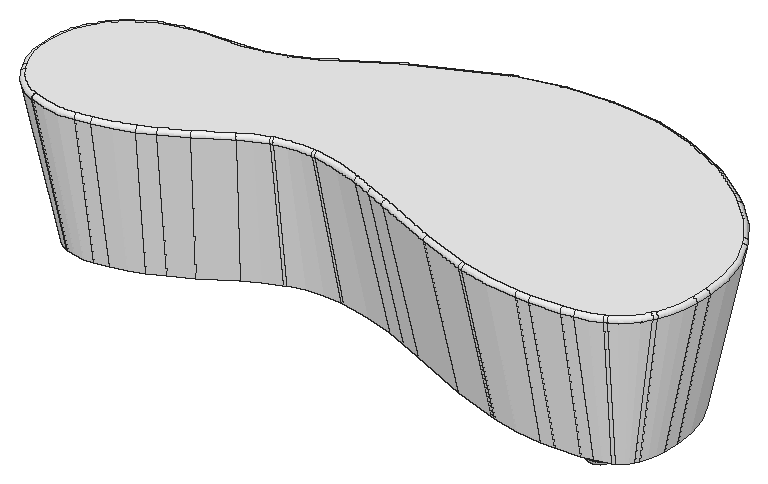
Revit family "HighTower_Plasma_Bench", category Furniture, Revit 2015
Parameters
  Width = 5' - 5"
  URL = "www.hightoweraccess.com"
  Upholstery [instance] = Furniture - HIGH TOWER - Plasma - Upholstery
  Product URL = "http://www.hightoweraccess.com/pricelist/new/pdf/plasma.pdf"
  Model = "GZ5000"
  Manufacturer = "HighTower"
  Height = 1' - 3 1/2"
  Description = "Plasma - Bench"
  Depth = 2' - 4 1/2"
  Foot [instance] = Furniture - HIGH TOWER - Plasma - Foot
  Assembly Description = "Furniture & Accessories"
  Assembly Code = "E2020200"
Reference planes (in)
  plane 1 "Center Front/Back": y = -0.7523997
  plane 2: z = 0
  plane 3 "Center Left/Right": x = 0
  plane 4 "L": x = -32.5
  plane 5 "R": x = 32.5
  plane 6 "tt": z = 15.5
  plane 7 "F": y = -15.0023997
  plane 8: y = 13.4976003
  plane 9: through (-6.2533827, 2.3323677, 23.3895262) normal (0.4297, -0.4297, 0.7941)
  plane 10: x = -25.2523956
  plane 11: y = -6.4367831
  plane 12: x = -1.9846802
  plane 13: y = 6.3978574
  plane 14: x = 1.2436981
  plane 15: y = -3.6021503
  plane 16: x = 18.9995728
  plane 17: y = 5.8860318
  plane 18: x = 25.2594452
  plane 19: y = -9.9013675
Forms (in)
  Sweep 1, solid, material "Furniture - HIGH TOWER - Plasma - Upholstery" <- "Upholstery"
    path origin (0, 0, 15.5) x (-1, 0, 0) y (0, -1, 0)
      loop
        arc (32.5, 6.9364336) -> (32.2385747, 8.8315882) -> (31.4738254, 10.5851881) r 7
        line (31.4738254, 10.5851881) -> (31.0484077, 11.2816919)
        arc (31.0484077, 11.2816919) -> (29.6637473, 12.8859469) -> (27.8366422, 13.9595418) r 6.5
        line (27.8366422, 13.9595418) -> (27.7509269, 13.9925415)
        arc (27.7509269, 13.9925415) -> (25.5210747, 14.5106746) -> (23.2346859, 14.3960918) r 8.25
        line (23.2346859, 14.3960918) -> (21.8158682, 14.124306)
        arc (21.8158682, 14.124306) -> (20.0080929, 13.6597727) -> (18.2720048, 12.9743233) r 15
        line (18.2720048, 12.9743233) -> (16.7633702, 12.2672302)
        arc (16.7633702, 12.2672302) -> (15.572446, 11.6621249) -> (14.4224033, 10.9825262) r 21
        line (14.4224033, 10.9825262) -> (11.4865289, 9.1191555)
        arc (11.4865289, 9.1191555) -> (10.3064622, 8.4603233) -> (9.0597954, 7.9383661) r 12
        line (9.0597954, 7.9383661) -> (8.8069726, 7.8488867)
        arc (8.8069726, 7.8488867) -> (7.0725698, 7.4452817) -> (5.2918533, 7.435343) r 8
        line (5.2918533, 7.435343) -> (4.9849702, 7.4679784)
        arc (4.9849702, 7.4679784) -> (2.5133362, 7.8888622) -> (0.113782, 8.6156753) r 20
        line (0.113782, 8.6156753) -> (-1.8464039, 9.3464139)
        arc (-1.8464039, 9.3464139) -> (-2.8539924, 9.7306516) -> (-3.8557132, 10.1299368) r 72
        line (-3.8557132, 10.1299368) -> (-9.9450183, 12.610135)
        arc (-9.9450183, 12.610135) -> (-12.3034174, 13.4760627) -> (-14.7164676, 14.1753954) r 36
        line (-14.7164676, 14.1753954) -> (-15.1029672, 14.2729265)
        arc (-15.1029672, 14.2729265) -> (-18.0164929, 14.8193332) -> (-20.9751547, 15.0023997) r 24
        line (-20.9751547, 15.0023997) -> (-22.3022272, 15.0023997)
        arc (-22.3022272, 15.0023997) -> (-23.7864842, 14.9411004) -> (-25.2606319, 14.7576199) r 18
        line (-25.2606319, 14.7576199) -> (-26.4540702, 14.5587672)
        arc (-26.4540702, 14.5587672) -> (-27.6394643, 14.2668211) -> (-28.7666344, 13.7979083) r 8
        line (-28.7666344, 13.7979083) -> (-29.0507881, 13.6533512)
        arc (-29.0507881, 13.6533512) -> (-30.4888023, 12.5882357) -> (-31.4984536, 11.1107512) r 5.3857794
        line (-31.4984536, 11.1107512) -> (-31.6710508, 10.7369425)
        arc (-31.6710508, 10.7369425) -> (-32.2903202, 8.8955456) -> (-32.5, 6.9641546) r 9
        line (-32.5, 6.9641546) -> (-32.5, 5.3610379)
        arc (-32.5, 5.3610379) -> (-31.907395, 1.4051366) -> (-30.1816066, -2.203463) r 13.5
        line (-30.1816066, -2.203463) -> (-29.6379391, -3.0070951)
        arc (-29.6379391, -3.0070951) -> (-27.8484625, -5.2628716) -> (-25.7386642, -7.2223373) r 19
        line (-25.7386642, -7.2223373) -> (-24.6989137, -8.0505374)
        arc (-24.6989137, -8.0505374) -> (-21.3107807, -10.2951728) -> (-17.5835412, -11.9155182) r 23.25
        line (-17.5835412, -11.9155182) -> (-16.0906604, -12.414504)
        arc (-16.0906604, -12.414504) -> (-12.8058784, -13.2250576) -> (-9.4335632, -13.4976003) r 21
        line (-9.4335632, -13.4976003) -> (-7.9201903, -13.4976003)
        arc (-7.9201903, -13.4976003) -> (-3.5581061, -13.1074649) -> (0.6655142, -11.9494426) r 24.5811901
        line (0.6655142, -11.9494426) -> (0.9684561, -11.8365192)
        arc (0.9684561, -11.8365192) -> (5.0121218, -10.0839118) -> (8.8512211, -7.9196147) r 42.25
        line (8.8512211, -7.9196147) -> (14.123062, -4.5737665)
        arc (14.123062, -4.5737665) -> (16.968036, -3.2203168) -> (20.0550517, -2.5910024) r 13
        line (20.0550517, -2.5910024) -> (23.7928889, -2.2927239)
        arc (23.7928889, -2.2927239) -> (26.5742848, -1.6911983) -> (29.0987982, -0.3778711) r 10.701212
        line (29.0987982, -0.3778711) -> (29.202799, -0.3047088)
        arc (29.202799, -0.3047088) -> (30.4872277, 0.8401703) -> (31.4769371, 2.2476432) r 7.5
        line (31.4769371, 2.2476432) -> (31.6804723, 2.6220807)
        arc (31.6804723, 2.6220807) -> (32.2919106, 4.1826416) -> (32.5, 5.8457429) r 6.75
        line (32.5, 5.8457429) -> (32.5, 6.9364336)
    profile origin (-32.5, -6.3910882, 15.5) x (-1, 0, 0) y (0, 0, 1)
      loop
        line (-3.1603192, -14.7125984) -> (0, -0.4561586)
        arc (0, -0.4561586) -> (-0.0736577, -0.1402762) -> (-0.3661124, 0) r 0.375
        line (-0.3661124, 0) -> (-4.0175986, 0) -> (-4.0175986, -14.7125984) -> (-3.1603192, -14.7125984)
  Extrusion 2, solid, material "Furniture - HIGH TOWER - Plasma - Upholstery" <- "Upholstery"
    sketch origin (-28.4824014, -6.9364336, 15.5) x (0, 1, 0) y (-1, 0, 0)
      loop
        line (5.5225686, -8.7469371) -> (5.2242902, -5.0090999)
        arc (5.2242902, -5.0090999) -> (4.8485977, -3.2719345) -> (4.0283382, -1.6952092) r 6.6836134
        line (4.0283382, -1.6952092) -> (3.9551759, -1.5912084)
        arc (3.9551759, -1.5912084) -> (3.4235854, -0.9948223) -> (2.7700673, -0.5352802) r 3.4824014
        line (2.7700673, -0.5352802) -> (2.3956298, -0.331745)
        arc (2.3956298, -0.331745) -> (1.7639144, -0.0842346) -> (1.0906907, 0) r 2.7324014
        line (1.0906907, 0) -> (0, 0)
        arc (0, 0) -> (-0.8074445, -0.1113822) -> (-1.5545787, -0.4372092) r 2.9824014
        line (-1.5545787, -0.4372092) -> (-2.2510824, -0.8626269)
        arc (-2.2510824, -0.8626269) -> (-2.8637601, -1.3914397) -> (-3.2737745, -2.0892256) r 2.4824014
        line (-3.2737745, -2.0892256) -> (-3.3067743, -2.1749409)
        arc (-3.3067743, -2.1749409) -> (-3.572586, -3.318896) -> (-3.513803, -4.4918554) r 4.2324014
        line (-3.513803, -4.4918554) -> (-3.2420171, -5.9106731)
        arc (-3.2420171, -5.9106731) -> (-2.9019044, -7.2342541) -> (-2.4000457, -8.5053485) r 10.9824014
        line (-2.4000457, -8.5053485) -> (-1.6929526, -10.0139831)
        arc (-1.6929526, -10.0139831) -> (-1.2036126, -10.9770665) -> (-0.6540307, -11.9070897) r 16.9824014
        line (-0.6540307, -11.9070897) -> (1.2093399, -14.8429642)
        arc (1.2093399, -14.8429642) -> (2.0887492, -16.4181171) -> (2.7854576, -18.0821678) r 16.0175986
        line (2.7854576, -18.0821678) -> (2.874937, -18.3349905)
        arc (2.874937, -18.3349905) -> (3.4812323, -20.9404101) -> (3.4961622, -23.6154021) r 12.0175986
        line (3.4961622, -23.6154021) -> (3.4635269, -23.9222852)
        arc (3.4635269, -23.9222852) -> (2.9580959, -26.8904209) -> (2.0852806, -29.7719974) r 24.0175986
        line (2.0852806, -29.7719974) -> (1.3545421, -31.7321833)
        arc (1.3545421, -31.7321833) -> (0.9488639, -32.7959952) -> (0.5272986, -33.853612) r 76.0175986
        line (0.5272986, -33.853612) -> (-1.9528997, -39.9429171)
        arc (-1.9528997, -39.9429171) -> (-2.7221898, -42.038119) -> (-3.3434771, -44.1818728) r 31.9824014
        line (-3.3434771, -44.1818728) -> (-3.4410081, -44.5683725)
        arc (-3.4410081, -44.5683725) -> (-3.8959464, -46.9941742) -> (-4.0483676, -49.4575561) r 19.9824014
        line (-4.0483676, -49.4575561) -> (-4.0483676, -50.7846286)
        arc (-4.0483676, -50.7846286) -> (-4.0007502, -51.9375996) -> (-3.8582226, -53.0827176) r 13.9824014
        line (-3.8582226, -53.0827176) -> (-3.6593698, -54.276156)
        arc (-3.6593698, -54.276156) -> (-3.5140391, -54.8662454) -> (-3.2806142, -55.4273508) r 3.9824014
        line (-3.2806142, -55.4273508) -> (-3.1360571, -55.7115045)
        arc (-3.1360571, -55.7115045) -> (-2.8654796, -56.0768116) -> (-2.4901457, -56.3332992) r 1.3681808
        line (-2.4901457, -56.3332992) -> (-2.116337, -56.5058964)
        arc (-2.116337, -56.5058964) -> (-1.0969394, -56.848724) -> (-0.027721, -56.9648028) r 4.9824014
        line (-0.027721, -56.9648028) -> (1.5753956, -56.9648028)
        arc (1.5753956, -56.9648028) -> (4.3540212, -56.548557) -> (6.8887019, -55.3363631) r 9.4824014
        line (6.8887019, -55.3363631) -> (7.692334, -54.7926956)
        arc (7.692334, -54.7926956) -> (9.4711208, -53.3816084) -> (11.0162524, -51.7179323) r 14.9824014
        line (11.0162524, -51.7179323) -> (11.8444525, -50.6781818)
        arc (11.8444525, -50.6781818) -> (13.7012151, -47.875518) -> (15.0415649, -44.7923453) r 19.2324014
        line (15.0415649, -44.7923453) -> (15.5405507, -43.2994645)
        arc (15.5405507, -43.2994645) -> (16.1960339, -40.643108) -> (16.4164352, -37.9159646) r 16.9824014
        line (16.4164352, -37.9159646) -> (16.4164352, -36.4025917)
        arc (16.4164352, -36.4025917) -> (16.0900644, -32.7534552) -> (15.1213116, -29.2201518) r 20.5635915
        line (15.1213116, -29.2201518) -> (15.0083881, -28.9172099)
        arc (15.0083881, -28.9172099) -> (13.4224381, -25.2580608) -> (11.4639464, -21.7840257) r 38.2324014
        line (11.4639464, -21.7840257) -> (8.1180982, -16.5121847)
        arc (8.1180982, -16.5121847) -> (6.3463702, -12.7879828) -> (5.5225686, -8.7469371) r 17.0175986
    from -14.7125984 to 0
  Revolve 3, solid, material "Furniture - HIGH TOWER - Plasma - Foot" <- "Foot"
    sketch origin (0, -6.4367831, 0) x (1, 0, 0) y (0, 0, 1)
      loop
        line (-25.2523956, 0) -> (-25.2523956, 0.7874016) -> (-26.4334717, 0.7874016) -> (-26.4334717, 0.375)
        arc (-26.4334717, 0.375) -> (-26.3236367, 0.109835) -> (-26.0584717, 0) r 0.375
        line (-26.0584717, 0) -> (-25.2523956, 0)
      axis (-25.2523956, 0) -> (-25.2523956, 0.7874016)
    angle from 0 to 360
  Revolve 4, solid, material "Furniture - HIGH TOWER - Plasma - Foot" <- "Foot"
    sketch origin (23.2677155, 6.3978574, 0) x (1, 0, 0) y (0, 0, 1)
      loop
        line (-25.2523956, 0) -> (-25.2523956, 0.7874016) -> (-26.4334717, 0.7874016) -> (-26.4334717, 0.375)
        arc (-26.4334717, 0.375) -> (-26.3236367, 0.109835) -> (-26.0584717, 0) r 0.375
        line (-26.0584717, 0) -> (-25.2523956, 0)
      axis (-25.2523956, 0) -> (-25.2523956, 0.7874016)
    angle from 0 to 360
  Revolve 5, solid, material "Furniture - HIGH TOWER - Plasma - Foot" <- "Foot"
    sketch origin (26.4960937, -3.6021503, 0) x (1, 0, 0) y (0, 0, 1)
      loop
        line (-25.2523956, 0) -> (-25.2523956, 0.7874016) -> (-26.4334717, 0.7874016) -> (-26.4334717, 0.375)
        arc (-26.4334717, 0.375) -> (-26.3236367, 0.109835) -> (-26.0584717, 0) r 0.375
        line (-26.0584717, 0) -> (-25.2523956, 0)
      axis (-25.2523956, 0) -> (-25.2523956, 0.7874016)
    angle from 0 to 360
  Revolve 6, solid, material "Furniture - HIGH TOWER - Plasma - Foot" <- "Foot"
    sketch origin (44.2519684, 5.8860318, 0) x (1, 0, 0) y (0, 0, 1)
      loop
        line (-25.2523956, 0) -> (-25.2523956, 0.7874016) -> (-26.4334717, 0.7874016) -> (-26.4334717, 0.375)
        arc (-26.4334717, 0.375) -> (-26.3236367, 0.109835) -> (-26.0584717, 0) r 0.375
        line (-26.0584717, 0) -> (-25.2523956, 0)
      axis (-25.2523956, 0) -> (-25.2523956, 0.7874016)
    angle from 0 to 360
  Revolve 7, solid, material "Furniture - HIGH TOWER - Plasma - Foot" <- "Foot"
    sketch origin (50.5118408, -9.9013675, 0) x (1, 0, 0) y (0, 0, 1)
      loop
        line (-25.2523956, 0) -> (-25.2523956, 0.7874016) -> (-26.4334717, 0.7874016) -> (-26.4334717, 0.375)
        arc (-26.4334717, 0.375) -> (-26.3236367, 0.109835) -> (-26.0584717, 0) r 0.375
        line (-26.0584717, 0) -> (-25.2523956, 0)
      axis (-25.2523956, 0) -> (-25.2523956, 0.7874016)
    angle from 0 to 360
Cuts and joins
  joined: Sweep 1, Extrusion 2
Dimensions and locks (in)
  equal spacing: plane 4 "L", plane 3 "Center Left/Right", plane 5 "R"
  equal spacing: plane 8, plane 1 "Center Front/Back", plane 7 "F"
  "Width": plane 4 "L" to plane 5 "R"
  "Depth": plane 8 to plane 7 "F"
  "Height": plane 6 "tt" to level
Automatic sketch dimensions
  Sweep 1 sketch curve to plane 5 "R" = 0' - 0"
  Sweep 1 sketch curve to plane 7 "F" = 0' - 0"
  Sweep 1 sketch curve to plane 8 = 0' - 0"
  Sweep 1 sketch curve to plane 4 "L" = 0' - 0"
  plane 5 "R" to Sweep 1 sketch curve = 0' - 0.82895"
  Sweep 1 sketch curve to Sweep 1 sketch curve = 0' - 0.1726"
  plane 5 "R" to Sweep 1 sketch curve = 0' - 2.31839"
  Sweep 1 sketch curve to Sweep 1 sketch curve = 0' - 0.54367"
  plane 7 "F" to Sweep 1 sketch curve = 0' - 1.34905"
  plane 5 "R" to Sweep 1 sketch curve = 0' - 3 115/256"
  plane 7 "F" to Sweep 1 sketch curve = 0' - 1.20449"
  Sweep 1 sketch curve to Sweep 1 sketch curve = 0' - 0.28415"
  Sweep 1 sketch curve to plane 18 = 0' - 1.34929"
  plane 7 "F" to Sweep 1 sketch curve = 0' - 0.44363"
  Sweep 1 sketch curve to plane 18 = 0' - 1.19463"
  Sweep 1 sketch curve to plane 18 = 0' - 0.47922"
  Sweep 1 sketch curve to plane 18 = 0' - 0.00119"
  plane 18 to Sweep 1 sketch curve = 0' - 0.12022"
  plane 18 to Sweep 1 sketch curve = 0' - 0.56053"
  plane 18 to Sweep 1 sketch curve = 0' - 1.7347"
  plane 11 to Sweep 1 sketch curve = 0' - 0.52737"
  Sweep 1 sketch curve to Sweep 1 sketch curve = 0' - 1.63922"
  plane 18 to Sweep 1 sketch curve = 0' - 2.95722"
  Sweep 1 sketch curve to Sweep 1 sketch curve = 0' - 1.32707"
  Sweep 1 sketch curve to plane 16 = 0' - 0.00043"
  plane 16 to Sweep 1 sketch curve = 0' - 1.41603"
  Sweep 1 sketch curve to Sweep 1 sketch curve = 0' - 1.49288"
  plane 7 "F" to Sweep 1 sketch curve = 0' - 0.72947"
  Sweep 1 sketch curve to Sweep 1 sketch curve = 0' - 5.87219"
  Sweep 1 sketch curve to Sweep 1 sketch curve = 0' - 0.3865"
  plane 11 to Sweep 1 sketch curve = 0' - 1.20246"
  plane 16 to Sweep 1 sketch curve = 0' - 5.09871"
  plane 16 to Sweep 1 sketch curve = 0' - 5.21097"
  plane 19 to Sweep 1 sketch curve = 0' - 0.23397"
  Sweep 1 sketch curve to Sweep 1 sketch curve = 0' - 3.68768"
  plane 7 "F" to Sweep 1 sketch curve = 0' - 2.39226"
  Sweep 1 sketch curve to Sweep 1 sketch curve = 0' - 0.26817"
  plane 11 to Sweep 1 sketch curve = 0' - 1.06562"
  Sweep 1 sketch curve to Sweep 1 sketch curve = 0' - 0.77962"
  plane 19 to Sweep 1 sketch curve = 0' - 1.18222"
  Sweep 1 sketch curve to Sweep 1 sketch curve = 0' - 2.29299"
  plane 19 to Sweep 1 sketch curve = 0' - 0.22857"
  Sweep 1 sketch curve to plane 14 = 0' - 2.61202"
  Sweep 1 sketch curve to plane 19 = 0' - 0.55495"
  plane 3 "Center Left/Right" to Sweep 1 sketch curve = 0' - 1.8464"
  Sweep 1 sketch curve to plane 3 "Center Left/Right" = 0' - 0.11378"
  Sweep 1 sketch curve to plane 3 "Center Left/Right" = 0' - 0.66551"
  Sweep 1 sketch curve to Sweep 1 sketch curve = 0' - 0.30294"
  plane 11 to Sweep 1 sketch curve = 0' - 1.0312"
  plane 12 to Sweep 1 sketch curve = 0' - 3.00029"
  plane 12 to Sweep 1 sketch curve = 0' - 3.07142"
  plane 11 to Sweep 1 sketch curve = 0' - 0.99856"
  Sweep 1 sketch curve to Sweep 1 sketch curve = 0' - 0.30688"
  Sweep 1 sketch curve to plane 7 "F" = 0' - 0.38809"
  Sweep 1 sketch curve to Sweep 1 sketch curve = 0' - 1.08174"
  plane 12 to Sweep 1 sketch curve = 0' - 5.11526"
  plane 11 to Sweep 1 sketch curve = 0' - 1.4121"
  Sweep 1 sketch curve to plane 13 = 0' - 1.52176"
  plane 12 to Sweep 1 sketch curve = 0' - 6.86654"
  plane 11 to Sweep 1 sketch curve = 0' - 1.50158"
  Sweep 1 sketch curve to Sweep 1 sketch curve = 0' - 0.25282"
  Sweep 1 sketch curve to plane 19 = 0' - 0.78221"
  Sweep 1 sketch curve to Sweep 1 sketch curve = 0' - 2.42673"
  plane 17 to Sweep 1 sketch curve = 0' - 1.31227"
  Sweep 1 sketch curve to Sweep 1 sketch curve = 0' - 5.27184"
  plane 19 to Sweep 1 sketch curve = 0' - 1.08116"
  Sweep 1 sketch curve to Sweep 1 sketch curve = 0' - 2.93587"
  plane 19 to Sweep 1 sketch curve = 0' - 2.36586"
  Sweep 1 sketch curve to Sweep 1 sketch curve = 0' - 2.34097"
  plane 7 "F" to Sweep 1 sketch curve = 0' - 2.02808"
  Sweep 1 sketch curve to Sweep 1 sketch curve = 0' - 1.50863"
  plane 17 to Sweep 1 sketch curve = 0' - 3.29503"
  Sweep 1 sketch curve to plane 10 = 0' - 5.19734"
  plane 8 to Sweep 1 sketch curve = 0' - 2.05221"
  plane 7 "F" to Sweep 1 sketch curve = 0' - 0.87809"
  Sweep 1 sketch curve to plane 10 = 0' - 3.43653"
  Sweep 1 sketch curve to plane 10 = 0' - 2.31075"
  plane 7 "F" to Sweep 1 sketch curve = 0' - 0.60631"
  Sweep 1 sketch curve to Sweep 1 sketch curve = 0' - 1.41882"
  Sweep 1 sketch curve to plane 10 = 0' - 1.94865"
  Sweep 1 sketch curve to plane 10 = 0' - 1.45951"
  Sweep 1 sketch curve to plane 10 = 0' - 0.61447"
  Sweep 1 sketch curve to plane 11 = 0' - 0.14337"
  Sweep 1 sketch curve to plane 10 = 0' - 0.46558"
  Sweep 1 sketch curve to plane 10 = 0' - 0.36487"
  plane 10 to Sweep 1 sketch curve = 0' - 0.2476"
  plane 10 to Sweep 1 sketch curve = 0' - 0.24889"
  Sweep 1 sketch curve to plane 13 = 0' - 0.34993"
  plane 10 to Sweep 1 sketch curve = 0' - 0.4976"
  plane 7 "F" to Sweep 1 sketch curve = 0' - 1.00986"
  Sweep 1 sketch curve to Sweep 1 sketch curve = 0' - 0.08572"
  Sweep 1 sketch curve to plane 1 "Center Front/Back" = 0' - 1.13027"
  plane 4 "L" to Sweep 1 sketch curve = 0' - 3.4012"
  Sweep 1 sketch curve to plane 1 "Center Front/Back" = 0' - 1.05711"
  Sweep 1 sketch curve to Sweep 1 sketch curve = 0' - 0.104"
  plane 4 "L" to Sweep 1 sketch curve = 0' - 1.45159"
  plane 19 to Sweep 1 sketch curve = 0' - 0.68382"
  Sweep 1 sketch curve to Sweep 1 sketch curve = 0' - 0.42542"
  plane 4 "L" to Sweep 1 sketch curve = 0' - 1.02306"
  Sweep 1 sketch curve to Sweep 1 sketch curve = 0' - 0.20354"
  plane 8 to Sweep 1 sketch curve = 0' - 7.23279"
  Sweep 1 sketch curve to Sweep 1 sketch curve = 0' - 0.49899"
  Sweep 1 sketch curve to Sweep 1 sketch curve = 0' - 0.11292"
  Sweep 1 sketch curve to plane 13 = 0' - 0.82448"
  plane 17 to Sweep 1 sketch curve = 0' - 2.88843"
  Sweep 1 sketch curve to Sweep 1 sketch curve = 0' - 1.68489"
  Sweep 1 sketch curve to Sweep 1 sketch curve = 0' - 0.80363"
  plane 1 "Center Front/Back" to Sweep 1 sketch curve = 0' - 1.49524"
  Sweep 1 sketch curve to Sweep 1 sketch curve = 0' - 0.37444"
  Sweep 1 sketch curve to Sweep 1 sketch curve = 0' - 0.95713"
  Sweep 1 sketch curve to Sweep 1 sketch curve = 0' - 0.73074"
  Sweep 1 sketch curve to plane 19 = 0' - 1.04833"
  Sweep 1 sketch curve to Sweep 1 sketch curve = 0' - 0.6965"
  Sweep 1 sketch curve to plane 6 "tt" = 0' - 0"
  Sweep 1 sketch curve to profile plane = 0' - 0"
  profile plane to Sweep 1 sketch curve = 0' - 0.36611"
  profile plane to Sweep 1 sketch curve = 0' - 3.16032"
  Sweep 1 sketch curve to Sweep 1 sketch curve = 0' - 0.85728"
  Sweep 1 sketch curve to plane 6 "tt" = 0' - 0 3/8"
  Sweep 1 sketch curve to plane 6 "tt" = 1' - 2.7126"
  Sweep 1 to Extrusion 2 sketch curve = 0' - 0"  (x2)
  Extrusion 2 sketch curve to Sweep 1 = 0' - 0"  (x2)
  Extrusion 2 sketch curve to Sweep 1 = 0' - 0.19015"
  Extrusion 2 sketch curve to Sweep 1 = 0' - 0.389"
  Extrusion 2 sketch curve to Sweep 1 = 0' - 0.53456"
  Extrusion 2 sketch curve to Sweep 1 = 0' - 0.60736"
  Extrusion 2 sketch curve to Extrusion 2 sketch curve = 0' - 0.09753"
  Extrusion 2 sketch curve to Sweep 1 = 0' - 0.74159"
  Extrusion 2 sketch curve to Sweep 1 = 0' - 0.76775"
  Extrusion 2 sketch curve to Extrusion 2 sketch curve = 0' - 0.033"
  Extrusion 2 sketch curve to Sweep 1 = 0' - 0.80635"
  Extrusion 2 sketch curve to Extrusion 2 sketch curve = 0' - 0.14456"
  Extrusion 2 sketch curve to Sweep 1 = 0' - 0.6315"
  Extrusion 2 sketch curve to Sweep 1 = 0' - 1.64832"
  Extrusion 2 sketch curve to Sweep 1 = 0' - 0.86263"
  Extrusion 2 sketch curve to Sweep 1 = 0' - 0.45891"
  Extrusion 2 sketch curve to Extrusion 2 sketch curve = 0' - 1.24601"
  Extrusion 2 sketch curve to Extrusion 2 sketch curve = 0' - 0.70709"
  Extrusion 2 sketch curve to Sweep 1 = 0' - 0.43721"
  Extrusion 2 sketch curve to Extrusion 2 sketch curve = 0' - 1.03892"
  Extrusion 2 sketch curve to Extrusion 2 sketch curve = 0' - 1.38693"
  Extrusion 2 sketch curve to Extrusion 2 sketch curve = 0' - 0.2966"
  Extrusion 2 sketch curve to Extrusion 2 sketch curve = 0' - 1.09326"
  Extrusion 2 sketch curve to Extrusion 2 sketch curve = 0' - 1.09069"
  Extrusion 2 sketch curve to Extrusion 2 sketch curve = 0' - 1.86337"
  Extrusion 2 sketch curve to Extrusion 2 sketch curve = 0' - 0.82724"
  Extrusion 2 sketch curve to Extrusion 2 sketch curve = 0' - 0.73074"
  Extrusion 2 sketch curve to Sweep 1 = 0' - 0.33174"
  Extrusion 2 sketch curve to Sweep 1 = 0' - 0.53528"
  Extrusion 2 sketch curve to Extrusion 2 sketch curve = 0' - 1.57612"
  Extrusion 2 sketch curve to Extrusion 2 sketch curve = 0' - 0.08948"
  Extrusion 2 sketch curve to Extrusion 2 sketch curve = 0' - 0.58859"
  Extrusion 2 sketch curve to Extrusion 2 sketch curve = 0' - 0.03264"
  Extrusion 2 sketch curve to Extrusion 2 sketch curve = 0' - 1.18511"
  Extrusion 2 sketch curve to Sweep 1 = 0' - 1.69521"
  Extrusion 2 sketch curve to Sweep 1 = 0' - 5.0091"
  Extrusion 2 sketch curve to Sweep 1 = 0' - 8.74694"
  Extrusion 2 sketch curve to Sweep 1 = 0' - 1.62844"
  Extrusion 2 sketch curve to Sweep 1 = 0' - 2.17211"
  Extrusion 2 sketch curve to Extrusion 2 sketch curve = 0' - 5.24316"
  Extrusion 2 sketch curve to Sweep 1 = 0' - 5.24687"
  Extrusion 2 sketch curve to Sweep 1 = 0' - 4.95249"
  Extrusion 2 sketch curve to Extrusion 2 sketch curve = 0' - 0.8282"
  Extrusion 2 sketch curve to Sweep 1 = 0' - 1.40805"
  Extrusion 2 sketch curve to Sweep 1 = 0' - 1.37487"
  Extrusion 2 sketch curve to Extrusion 2 sketch curve = 0' - 0.11292"
  Extrusion 2 sketch curve to Sweep 1 = 0' - 0.87588"
  Extrusion 2 sketch curve to Sweep 1 = 0' - 0.4824"
  Revolve 3 sketch curve to level = 0' - 0"
  plane 10 to Revolve 3 sketch curve = 0' - 0"  (x2)
  Revolve 3 sketch curve to Revolve 3 sketch curve = 0' - 0.80608"
  Revolve 3 sketch curve to Revolve 3 sketch curve = 0' - 0 3/8"
  Revolve 3 sketch curve to Revolve 3 sketch curve = 0' - 0.57586"
  Revolve 3 sketch curve to Revolve 3 sketch curve = 0' - 0.4124"
  Revolve 3 sketch curve to Revolve 3 sketch curve = 0' - 0.51607"
  Revolve 4 sketch curve to level = 0' - 0"
  plane 12 to Revolve 4 sketch curve = 0' - 0"  (x2)
  Revolve 4 sketch curve to Revolve 4 sketch curve = 0' - 0.80608"
  Revolve 4 sketch curve to Revolve 4 sketch curve = 0' - 0 3/8"
  Revolve 4 sketch curve to Revolve 4 sketch curve = 0' - 0.57586"
  Revolve 4 sketch curve to Revolve 4 sketch curve = 0' - 0.4124"
  Revolve 4 sketch curve to Revolve 4 sketch curve = 0' - 0.51607"
  Revolve 5 sketch curve to level = 0' - 0"
  plane 14 to Revolve 5 sketch curve = 0' - 0"  (x2)
  plane 3 "Center Left/Right" to Revolve 5 sketch curve = 0' - 0.43762"
  plane 3 "Center Left/Right" to Revolve 5 sketch curve = 0' - 0.06262"
  Revolve 5 sketch curve to Revolve 5 sketch curve = 0' - 0.57586"
  Revolve 5 sketch curve to Revolve 5 sketch curve = 0' - 0.4124"
  Revolve 5 sketch curve to Revolve 5 sketch curve = 0' - 0.51607"
  Revolve 6 sketch curve to level = 0' - 0"
  plane 16 to Revolve 6 sketch curve = 0' - 0"  (x2)
  Revolve 6 sketch curve to Revolve 6 sketch curve = 0' - 0.80608"
  Revolve 6 sketch curve to Revolve 6 sketch curve = 0' - 0 3/8"
  Revolve 6 sketch curve to Revolve 6 sketch curve = 0' - 0.57586"
  Revolve 6 sketch curve to Revolve 6 sketch curve = 0' - 0.4124"
  Revolve 6 sketch curve to Revolve 6 sketch curve = 0' - 0.51607"
  Revolve 7 sketch curve to level = 0' - 0"
  plane 18 to Revolve 7 sketch curve = 0' - 0"  (x2)
  Revolve 7 sketch curve to Revolve 7 sketch curve = 0' - 0.80608"
  Revolve 7 sketch curve to Revolve 7 sketch curve = 0' - 0 3/8"
  Revolve 7 sketch curve to Revolve 7 sketch curve = 0' - 0.57586"
  Revolve 7 sketch curve to Revolve 7 sketch curve = 0' - 0.4124"
  Revolve 7 sketch curve to Revolve 7 sketch curve = 0' - 0.51607"
  radius of Extrusion 2 sketch curve to Sweep 1 = 0' - 0"  (x21)
